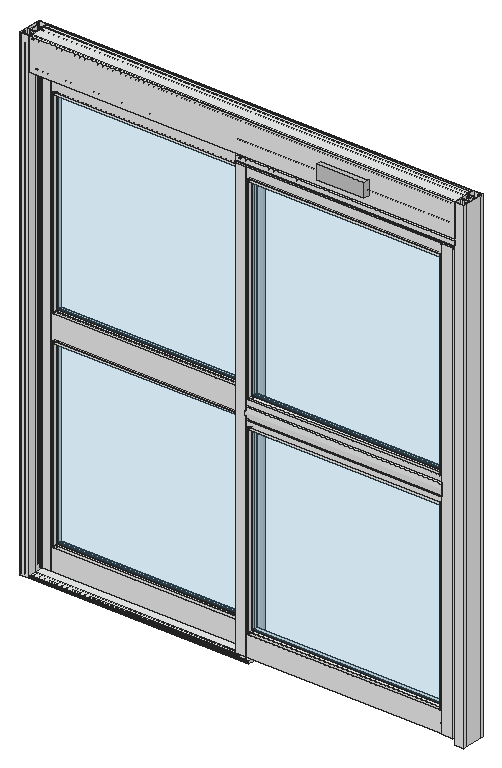
Revit family "2-6-3_Sliding-Door_TX9300SL_Single-RH-Inside-Slide-SX-SO-w-Elec-Lock-Flush-Mnt-Exit-Panic-HDW_Tormax", category Doors, host Wall, Revit 2026 (continued)
Definition of nested family "Door-Sliding-Tormax-Panel-Exit_Panic-SO"
  Forms (in)
    Sweep 1, solid, material <- "Door Frame"
      profile origin (0, 0, 0) x (0, 0, 1) y (0, -1, 0)
        loop
          line (84.875, 0.8749) -> (81.875, 0.8749) -> (81.875, 0.70921) -> (81.98143, 0.77066) -> (82.0294, 0.77066) -> (82.0294, -0.77066) -> (81.98143, -0.77066) -> (81.875, -0.70921) -> (81.875, -0.8749) -> (84.875, -0.8749) -> (84.875, -0.74999) -> (83.37444, -0.74999) -> (83.37444, 0.74911) -> (84.875, 0.74911) -> (84.875, 0.8749)
        loop
          line (82.15555, -0.71919) -> (82.46471, -0.71919) -> (82.46471, -0.75305) -> (82.79125, -0.75305) -> (82.79125, -0.71919) -> (83.10534, -0.71919) -> (83.10534, -0.37628) -> (83.24927, -0.37628) -> (83.24927, 0.37504) -> (83.10534, 0.37504) -> (83.10534, 0.71919) -> (82.79125, 0.71919) -> (82.79125, 0.75305) -> (82.46471, 0.75305) -> (82.46471, 0.71919) -> (82.15555, 0.71919) -> (82.15555, -0.71919)
        loop
          line (43.994, 0.775) -> (40.006, 0.775) -> (40.006, -0.775) -> (43.994, -0.775) -> (43.994, 0.775)
        loop
          line (0.5, -0.74911) -> (0.5, -0.8749) -> (4.5, -0.8749) -> (4.5, -0.70921) -> (4.39357, -0.77066) -> (4.3456, -0.77066) -> (4.3456, 0.77066) -> (4.39357, 0.77066) -> (4.5, 0.70921) -> (4.5, 0.8749) -> (0.5, 0.8749) -> (0.5, 0.765) -> (1.27001, 0.765) -> (1.27001, 0.52601) -> (0.698, 0.52601) -> (0.698, 0.42601) -> (1.30646, 0.42601) -> (1.59455, 0.74999) -> (2.06202, 0.74999) -> (2.06202, -0.74911) -> (0.5, -0.74911)
        loop
          line (4.21945, 0.71919) -> (3.96497, 0.71919) -> (3.96497, 0.75001) -> (3.52125, 0.75001) -> (3.52125, 0.71919) -> (3.26904, 0.71919) -> (3.26904, 0.59401) -> (3.13704, 0.59401) -> (3.13704, 0.71919) -> (2.88556, 0.71919) -> (2.88556, 0.75001) -> (2.44184, 0.75001) -> (2.44184, 0.71919) -> (2.18703, 0.71919) -> (2.18703, -0.71919) -> (2.44184, -0.71919) -> (2.44184, -0.75001) -> (2.88556, -0.75001) -> (2.88556, -0.71919) -> (3.13704, -0.71919) -> (3.13704, -0.59401) -> (3.26904, -0.59401) -> (3.26904, -0.71919) -> (3.52125, -0.71919) -> (3.52125, -0.75001) -> (3.96497, -0.75001) -> (3.96497, -0.71919) -> (4.21945, -0.71919) -> (4.21945, 0.71919)
    Sweep 2, solid, material <- "Door Frame"
      path origin (0, 0, 0) x (1, 0, 0) y (0, 0, 1)
        loop
          line (0, 4.5) -> (0, 39.75)
      profile origin (0, 0, 22.125) x (-1, 0, 0) y (0, -1, 0)
        loop
          line (-18.59375, -0.87481) -> (-18.09395, -0.87481) -> (-18.09395, -0.20955) -> (-18.05909, -0.20955) -> (-17.99796, -0.09459) -> (-18.01995, -0.07259) -> (-18.09186, -0.12483) -> (-18.30168, -0.12483) -> (-18.30168, -0.20955) -> (-18.4693, -0.20955) -> (-18.4693, -0.13997) -> (-18.55595, -0.13997) -> (-18.55595, 0.13997) -> (-18.4693, 0.13997) -> (-18.4693, 0.20955) -> (-18.30168, 0.20955) -> (-18.30168, 0.12483) -> (-18.09186, 0.12483) -> (-18.01995, 0.07259) -> (-17.99796, 0.09459) -> (-18.05909, 0.20955) -> (-18.09395, 0.20955) -> (-18.09395, 0.87481) -> (-18.59375, 0.87481) -> (-18.59375, 0.66561) -> (-18.69347, 0.66561) -> (-18.69347, 0.76483) -> (-18.74347, 0.76483) -> (-18.74347, 0.6157) -> (-18.63748, 0.6157) -> (-18.51344, 0.49166) -> (-18.51344, 0.32983)
          arc (-18.51344, 0.32983) -> (-18.57886, 0.30274) -> (-18.60595, 0.23732) r 0.09251
          line (-18.60595, 0.23732) -> (-18.60595, 0.1901) -> (-18.74975, 0.1901) -> (-18.74975, 0.13997) -> (-18.60595, 0.13997) -> (-18.60595, -0.13997) -> (-18.74975, -0.13997) -> (-18.74975, -0.1901) -> (-18.61896, -0.1901) -> (-18.61896, -0.25955) -> (-18.40109, -0.25955) -> (-18.40109, -0.4032) -> (-18.14361, -0.4032) -> (-18.14361, -0.8251) -> (-18.54358, -0.8251) -> (-18.54358, -0.65698) -> (-18.65806, -0.65698) -> (-18.65806, -0.70698) -> (-18.59375, -0.70698) -> (-18.59375, -0.87481)
        loop
          line (-18.49369, 0.8251) -> (-18.49369, 0.74143) -> (-18.55985, 0.74143) -> (-18.55985, 0.67847) -> (-18.46344, 0.58206) -> (-18.46344, 0.25099) -> (-18.40109, 0.25099) -> (-18.40109, 0.4032) -> (-18.14361, 0.4032) -> (-18.14361, 0.8251) -> (-18.49369, 0.8251)
        loop
          line (18.59375, -0.87481) -> (18.59375, -0.70698) -> (18.65806, -0.70698) -> (18.65806, -0.65698) -> (18.54358, -0.65698) -> (18.54358, -0.8251) -> (18.14361, -0.8251) -> (18.14361, -0.4032) -> (18.40109, -0.4032) -> (18.40109, -0.25955) -> (18.61896, -0.25955) -> (18.61896, -0.1901) -> (18.74975, -0.1901) -> (18.74975, -0.13997) -> (18.60595, -0.13997) -> (18.60595, 0.13997) -> (18.74975, 0.13997) -> (18.74975, 0.1901) -> (18.60595, 0.1901) -> (18.60595, 0.23732)
          arc (18.60595, 0.23732) -> (18.57886, 0.30274) -> (18.51344, 0.32983) r 0.09251
          line (18.51344, 0.32983) -> (18.51344, 0.49166) -> (18.63748, 0.6157) -> (18.74347, 0.6157) -> (18.74347, 0.76483) -> (18.69347, 0.76483) -> (18.69347, 0.66561) -> (18.59375, 0.66561) -> (18.59375, 0.87481) -> (18.09395, 0.87481) -> (18.09395, 0.20955) -> (18.05909, 0.20955) -> (17.99796, 0.09459) -> (18.01995, 0.07259) -> (18.09186, 0.12483) -> (18.30168, 0.12483) -> (18.30168, 0.20955) -> (18.4693, 0.20955) -> (18.4693, 0.13997) -> (18.55595, 0.13997) -> (18.55595, -0.13997) -> (18.4693, -0.13997) -> (18.4693, -0.20955) -> (18.30168, -0.20955) -> (18.30168, -0.12483) -> (18.09186, -0.12483) -> (18.01995, -0.07259) -> (17.99796, -0.09459) -> (18.05909, -0.20955) -> (18.09395, -0.20955) -> (18.09395, -0.87481) -> (18.59375, -0.87481)
        loop
          line (18.49369, 0.8251) -> (18.14361, 0.8251) -> (18.14361, 0.4032) -> (18.40109, 0.4032) -> (18.40109, 0.25099) -> (18.46344, 0.25099) -> (18.46344, 0.58206) -> (18.55985, 0.67847) -> (18.55985, 0.74143) -> (18.49369, 0.74143) -> (18.49369, 0.8251)
    Extrusion 3, solid, material <- "Glass"
      sketch origin (0, 0, 0) x (1, 0, 0) y (0, 1, 0)
        loop
          line (-18.30168, 0.12483) -> (-18.30168, -0.12517) -> (18.30168, -0.12517) -> (18.30168, 0.12483) -> (-18.30168, 0.12483)
      from 4.60457 to 39.45793
    Sweep 4, solid, material <- "Door Frame"
      path origin (0, 0, 0) x (1, 0, 0) y (0, 0, 1)
        loop
          line (0, 44.25) -> (0, 81.875)
      profile origin (0, 0, 63.0625) x (-1, 0, 0) y (0, -1, 0)
        loop
          line (-18.59375, -0.87481) -> (-18.09395, -0.87481) -> (-18.09395, -0.20955) -> (-18.05909, -0.20955) -> (-17.99796, -0.09459) -> (-18.01995, -0.07259) -> (-18.09186, -0.12483) -> (-18.30168, -0.12483) -> (-18.30168, -0.20955) -> (-18.4693, -0.20955) -> (-18.4693, -0.13997) -> (-18.55595, -0.13997) -> (-18.55595, 0.13997) -> (-18.4693, 0.13997) -> (-18.4693, 0.20955) -> (-18.30168, 0.20955) -> (-18.30168, 0.12483) -> (-18.09186, 0.12483) -> (-18.01995, 0.07259) -> (-17.99796, 0.09459) -> (-18.05909, 0.20955) -> (-18.09395, 0.20955) -> (-18.09395, 0.87481) -> (-18.59375, 0.87481) -> (-18.59375, 0.66561) -> (-18.69347, 0.66561) -> (-18.69347, 0.76483) -> (-18.74347, 0.76483) -> (-18.74347, 0.6157) -> (-18.63748, 0.6157) -> (-18.51344, 0.49166) -> (-18.51344, 0.32983)
          arc (-18.51344, 0.32983) -> (-18.57886, 0.30274) -> (-18.60595, 0.23732) r 0.09251
          line (-18.60595, 0.23732) -> (-18.60595, 0.1901) -> (-18.74975, 0.1901) -> (-18.74975, 0.13997) -> (-18.60595, 0.13997) -> (-18.60595, -0.13997) -> (-18.74975, -0.13997) -> (-18.74975, -0.1901) -> (-18.61896, -0.1901) -> (-18.61896, -0.25955) -> (-18.40109, -0.25955) -> (-18.40109, -0.4032) -> (-18.14361, -0.4032) -> (-18.14361, -0.8251) -> (-18.54358, -0.8251) -> (-18.54358, -0.65698) -> (-18.65806, -0.65698) -> (-18.65806, -0.70698) -> (-18.59375, -0.70698) -> (-18.59375, -0.87481)
        loop
          line (-18.49369, 0.8251) -> (-18.49369, 0.74143) -> (-18.55985, 0.74143) -> (-18.55985, 0.67847) -> (-18.46344, 0.58206) -> (-18.46344, 0.25099) -> (-18.40109, 0.25099) -> (-18.40109, 0.4032) -> (-18.14361, 0.4032) -> (-18.14361, 0.8251) -> (-18.49369, 0.8251)
        loop
          line (18.59375, -0.87481) -> (18.59375, -0.70698) -> (18.65806, -0.70698) -> (18.65806, -0.65698) -> (18.54358, -0.65698) -> (18.54358, -0.8251) -> (18.14361, -0.8251) -> (18.14361, -0.4032) -> (18.40109, -0.4032) -> (18.40109, -0.25955) -> (18.61896, -0.25955) -> (18.61896, -0.1901) -> (18.74975, -0.1901) -> (18.74975, -0.13997) -> (18.60595, -0.13997) -> (18.60595, 0.13997) -> (18.74975, 0.13997) -> (18.74975, 0.1901) -> (18.60595, 0.1901) -> (18.60595, 0.23732)
          arc (18.60595, 0.23732) -> (18.57886, 0.30274) -> (18.51344, 0.32983) r 0.09251
          line (18.51344, 0.32983) -> (18.51344, 0.49166) -> (18.63748, 0.6157) -> (18.74347, 0.6157) -> (18.74347, 0.76483) -> (18.69347, 0.76483) -> (18.69347, 0.66561) -> (18.59375, 0.66561) -> (18.59375, 0.87481) -> (18.09395, 0.87481) -> (18.09395, 0.20955) -> (18.05909, 0.20955) -> (17.99796, 0.09459) -> (18.01995, 0.07259) -> (18.09186, 0.12483) -> (18.30168, 0.12483) -> (18.30168, 0.20955) -> (18.4693, 0.20955) -> (18.4693, 0.13997) -> (18.55595, 0.13997) -> (18.55595, -0.13997) -> (18.4693, -0.13997) -> (18.4693, -0.20955) -> (18.30168, -0.20955) -> (18.30168, -0.12483) -> (18.09186, -0.12483) -> (18.01995, -0.07259) -> (17.99796, -0.09459) -> (18.05909, -0.20955) -> (18.09395, -0.20955) -> (18.09395, -0.87481) -> (18.59375, -0.87481)
        loop
          line (18.49369, 0.8251) -> (18.14361, 0.8251) -> (18.14361, 0.4032) -> (18.40109, 0.4032) -> (18.40109, 0.25099) -> (18.46344, 0.25099) -> (18.46344, 0.58206) -> (18.55985, 0.67847) -> (18.55985, 0.74143) -> (18.49369, 0.74143) -> (18.49369, 0.8251)
    Extrusion 5, solid, material <- "Glass"
      sketch origin (0, 0, 0) x (1, 0, 0) y (0, 1, 0)
        loop
          line (-18.30168, 0.12483) -> (-18.30168, -0.12517) -> (18.30168, -0.12517) -> (18.30168, 0.12483) -> (-18.30168, 0.12483)
      from 44.54207 to 81.58293
    Sweep 6, solid, material <- "Door Frame"
      path origin (0, 0, 0) x (-1, 0, 0) y (0, 0, -1)
        loop
          line (20.71875, -0.5) -> (20.71875, -84.875)
      profile origin (-20.71875, 0, 42.6875) x (-1, 0, 0) y (0, -1, 0)
        loop
          line (-2.125, -0.91) -> (-0.14318, -0.91)
          arc (-0.14318, -0.91) -> (-0.12494, -0.85139) -> (-0.10791, -0.79242) r 2.96345
          line (-0.10791, -0.79242) -> (-0.18054, -0.77528) -> (-0.20187, -0.86561) -> (-0.27778, -0.84769) -> (-0.18449, -0.45255) -> (-0.10857, -0.47048) -> (-0.13043, -0.56306) -> (-0.05685, -0.57768)
          arc (-0.05685, -0.57768) -> (0, 0) -> (-0.05685, 0.57768) r 2.96345
          line (-0.05685, 0.57768) -> (-0.13043, 0.56306) -> (-0.10857, 0.47048) -> (-0.18449, 0.45255) -> (-0.27778, 0.84769) -> (-0.20187, 0.86561) -> (-0.18054, 0.77528) -> (-0.10791, 0.79242)
          arc (-0.10791, 0.79242) -> (-0.12494, 0.85139) -> (-0.14318, 0.91) r 2.96345
          line (-0.14318, 0.91) -> (-2.125, 0.91) -> (-2.125, 0.70869) -> (-2.02775, 0.76483) -> (-1.969, 0.76483) -> (-1.969, -0.76483) -> (-2.02717, -0.76483) -> (-2.125, -0.70835) -> (-2.125, -0.91)
        loop
          line (-1.844, -0.76483) -> (-0.3371, -0.76483)
          arc (-0.3371, -0.76483) -> (-0.28836, -0.57905) -> (-0.25321, -0.39023) r 2.65
          line (-0.25321, -0.39023) -> (-0.15, -0.36257) -> (-0.15, -0.1825) -> (-0.25, -0.1825) -> (-0.25, 0.1825) -> (-0.15, 0.1825) -> (-0.15, 0.36257) -> (-0.25321, 0.39023)
          arc (-0.25321, 0.39023) -> (-0.2884, 0.57922) -> (-0.3372, 0.76517) r 2.65
          line (-0.3372, 0.76517) -> (-1.844, 0.76517) -> (-1.844, -0.76483)
    Sweep 7, solid, material <- "Door Frame"
      path origin (0, 0, 0) x (-1, 0, 0) y (0, 0, -1)
        loop
          line (-20.71875, -0.5) -> (-20.71875, -84.875)
      profile origin (20.71875, 0, 42.6875) x (-1, 0, 0) y (0, -1, 0)
        loop
          line (0.25, -0.187) -> (0.13109, -0.187)
          arc (0.13109, -0.187) -> (0.1651, -0.47849) -> (0.22865, -0.765) r 2.875
          line (0.22865, -0.765) -> (1.844, -0.765) -> (1.844, 0.765) -> (0.22865, 0.765)
          arc (0.22865, 0.765) -> (0.1651, 0.47849) -> (0.13109, 0.187) r 2.875
          line (0.13109, 0.187) -> (0.25, 0.187) -> (0.25, -0.187)
        loop
          line (0.14135, -0.91) -> (2.125, -0.91) -> (2.125, -0.70839) -> (2.00861, -0.77559) -> (1.969, -0.77559) -> (1.969, 0.77559) -> (2.00861, 0.77559) -> (2.125, 0.70839) -> (2.125, 0.91) -> (0.14135, 0.91)
          arc (0.14135, 0.91) -> (0, 0) -> (0.14135, -0.91) r 3
    Sweep 8, solid, material <- "Door Frame"
      path origin (0, 0, 0) x (1, 0, 0) y (0, 0, -1)
        loop
          line (-18.09395, -42) -> (18.09395, -42)
      profile origin (0, 0, 42) x (0, 0, -1) y (0, 1, 0)
        loop
          line (37.5, 0.87481) -> (37.0002, 0.87481) -> (37.0002, 0.20955) -> (36.96534, 0.20955) -> (36.90421, 0.09459) -> (36.9262, 0.07259) -> (36.99811, 0.12483) -> (37.20793, 0.12483) -> (37.20793, 0.20955) -> (37.37555, 0.20955) -> (37.37555, 0.13997) -> (37.4622, 0.13997) -> (37.4622, -0.13997) -> (37.37555, -0.13997) -> (37.37555, -0.20955) -> (37.20793, -0.20955) -> (37.20793, -0.12483) -> (36.99811, -0.12483) -> (36.9262, -0.07259) -> (36.90421, -0.09459) -> (36.96534, -0.20955) -> (37.0002, -0.20955) -> (37.0002, -0.87481) -> (37.5, -0.87481) -> (37.5, -0.66561) -> (37.59972, -0.66561) -> (37.59972, -0.76483) -> (37.64972, -0.76483) -> (37.64972, -0.6157) -> (37.54373, -0.6157) -> (37.41969, -0.49166) -> (37.41969, -0.32983)
          arc (37.41969, -0.32983) -> (37.48511, -0.30274) -> (37.5122, -0.23732) r 0.09251
          line (37.5122, -0.23732) -> (37.5122, -0.1901) -> (37.656, -0.1901) -> (37.656, -0.13997) -> (37.5122, -0.13997) -> (37.5122, 0.13997) -> (37.656, 0.13997) -> (37.656, 0.1901) -> (37.52521, 0.1901) -> (37.52521, 0.25955) -> (37.30734, 0.25955) -> (37.30734, 0.4032) -> (37.04986, 0.4032) -> (37.04986, 0.8251) -> (37.44983, 0.8251) -> (37.44983, 0.65698) -> (37.56431, 0.65698) -> (37.56431, 0.70698) -> (37.5, 0.70698) -> (37.5, 0.87481)
        loop
          line (37.39994, -0.8251) -> (37.39994, -0.74143) -> (37.4661, -0.74143) -> (37.4661, -0.67847) -> (37.36969, -0.58206) -> (37.36969, -0.25099) -> (37.30734, -0.25099) -> (37.30734, -0.4032) -> (37.04986, -0.4032) -> (37.04986, -0.8251) -> (37.39994, -0.8251)
        loop
          line (2.25, 0.87481) -> (2.25, 0.70698) -> (2.18569, 0.70698) -> (2.18569, 0.65698) -> (2.30017, 0.65698) -> (2.30017, 0.8251) -> (2.70014, 0.8251) -> (2.70014, 0.4032) -> (2.44266, 0.4032) -> (2.44266, 0.25955) -> (2.22479, 0.25955) -> (2.22479, 0.1901) -> (2.094, 0.1901) -> (2.094, 0.13997) -> (2.2378, 0.13997) -> (2.2378, -0.13997) -> (2.094, -0.13997) -> (2.094, -0.1901) -> (2.2378, -0.1901) -> (2.2378, -0.23732)
          arc (2.2378, -0.23732) -> (2.26489, -0.30274) -> (2.33031, -0.32983) r 0.09251
          line (2.33031, -0.32983) -> (2.33031, -0.49166) -> (2.20627, -0.6157) -> (2.10028, -0.6157) -> (2.10028, -0.76483) -> (2.15028, -0.76483) -> (2.15028, -0.66561) -> (2.25, -0.66561) -> (2.25, -0.87481) -> (2.7498, -0.87481) -> (2.7498, -0.20955) -> (2.78466, -0.20955) -> (2.84579, -0.09459) -> (2.8238, -0.07259) -> (2.75189, -0.12483) -> (2.54207, -0.12483) -> (2.54207, -0.20955) -> (2.37445, -0.20955) -> (2.37445, -0.13997) -> (2.2878, -0.13997) -> (2.2878, 0.13997) -> (2.37445, 0.13997) -> (2.37445, 0.20955) -> (2.54207, 0.20955) -> (2.54207, 0.12483) -> (2.75189, 0.12483) -> (2.8238, 0.07259) -> (2.84579, 0.09459) -> (2.78466, 0.20955) -> (2.7498, 0.20955) -> (2.7498, 0.87481) -> (2.25, 0.87481)
        loop
          line (2.35006, -0.8251) -> (2.70014, -0.8251) -> (2.70014, -0.4032) -> (2.44266, -0.4032) -> (2.44266, -0.25099) -> (2.38031, -0.25099) -> (2.38031, -0.58206) -> (2.2839, -0.67847) -> (2.2839, -0.74143) -> (2.35006, -0.74143) -> (2.35006, -0.8251)
        loop
          line (-2.25, 0.87481) -> (-2.7498, 0.87481) -> (-2.7498, 0.20955) -> (-2.78466, 0.20955) -> (-2.84579, 0.09459) -> (-2.8238, 0.07259) -> (-2.75189, 0.12483) -> (-2.54207, 0.12483) -> (-2.54207, 0.20955) -> (-2.37445, 0.20955) -> (-2.37445, 0.13997) -> (-2.2878, 0.13997) -> (-2.2878, -0.13997) -> (-2.37445, -0.13997) -> (-2.37445, -0.20955) -> (-2.54207, -0.20955) -> (-2.54207, -0.12483) -> (-2.75189, -0.12483) -> (-2.8238, -0.07259) -> (-2.84579, -0.09459) -> (-2.78466, -0.20955) -> (-2.7498, -0.20955) -> (-2.7498, -0.87481) -> (-2.25, -0.87481) -> (-2.25, -0.66561) -> (-2.15028, -0.66561) -> (-2.15028, -0.76483) -> (-2.10028, -0.76483) -> (-2.10028, -0.6157) -> (-2.20627, -0.6157) -> (-2.33031, -0.49166) -> (-2.33031, -0.32983)
          arc (-2.33031, -0.32983) -> (-2.26489, -0.30274) -> (-2.2378, -0.23732) r 0.09251
          line (-2.2378, -0.23732) -> (-2.2378, -0.1901) -> (-2.094, -0.1901) -> (-2.094, -0.13997) -> (-2.2378, -0.13997) -> (-2.2378, 0.13997) -> (-2.094, 0.13997) -> (-2.094, 0.1901) -> (-2.22479, 0.1901) -> (-2.22479, 0.25955) -> (-2.44266, 0.25955) -> (-2.44266, 0.4032) -> (-2.70014, 0.4032) -> (-2.70014, 0.8251) -> (-2.30017, 0.8251) -> (-2.30017, 0.65698) -> (-2.18569, 0.65698) -> (-2.18569, 0.70698) -> (-2.25, 0.70698) -> (-2.25, 0.87481)
        loop
          line (-2.35006, -0.8251) -> (-2.35006, -0.74143) -> (-2.2839, -0.74143) -> (-2.2839, -0.67847) -> (-2.38031, -0.58206) -> (-2.38031, -0.25099) -> (-2.44266, -0.25099) -> (-2.44266, -0.4032) -> (-2.70014, -0.4032) -> (-2.70014, -0.8251) -> (-2.35006, -0.8251)
        loop
          line (-39.875, 0.87481) -> (-39.875, 0.70698) -> (-39.93931, 0.70698) -> (-39.93931, 0.65698) -> (-39.82483, 0.65698) -> (-39.82483, 0.8251) -> (-39.42486, 0.8251) -> (-39.42486, 0.4032) -> (-39.68234, 0.4032) -> (-39.68234, 0.25955) -> (-39.90021, 0.25955) -> (-39.90021, 0.1901) -> (-40.031, 0.1901) -> (-40.031, 0.13997) -> (-39.8872, 0.13997) -> (-39.8872, -0.13997) -> (-40.031, -0.13997) -> (-40.031, -0.1901) -> (-39.8872, -0.1901) -> (-39.8872, -0.23732)
          arc (-39.8872, -0.23732) -> (-39.86011, -0.30274) -> (-39.79469, -0.32983) r 0.09251
          line (-39.79469, -0.32983) -> (-39.79469, -0.49166) -> (-39.91873, -0.6157) -> (-40.02472, -0.6157) -> (-40.02472, -0.76483) -> (-39.97472, -0.76483) -> (-39.97472, -0.66561) -> (-39.875, -0.66561) -> (-39.875, -0.87481) -> (-39.3752, -0.87481) -> (-39.3752, -0.20955) -> (-39.34034, -0.20955) -> (-39.27921, -0.09459) -> (-39.3012, -0.07259) -> (-39.37311, -0.12483) -> (-39.58293, -0.12483) -> (-39.58293, -0.20955) -> (-39.75055, -0.20955) -> (-39.75055, -0.13997) -> (-39.8372, -0.13997) -> (-39.8372, 0.13997) -> (-39.75055, 0.13997) -> (-39.75055, 0.20955) -> (-39.58293, 0.20955) -> (-39.58293, 0.12483) -> (-39.37311, 0.12483) -> (-39.3012, 0.07259) -> (-39.27921, 0.09459) -> (-39.34034, 0.20955) -> (-39.3752, 0.20955) -> (-39.3752, 0.87481) -> (-39.875, 0.87481)
        loop
          line (-39.77494, -0.8251) -> (-39.42486, -0.8251) -> (-39.42486, -0.4032) -> (-39.68234, -0.4032) -> (-39.68234, -0.25099) -> (-39.74469, -0.25099) -> (-39.74469, -0.58206) -> (-39.8411, -0.67847) -> (-39.8411, -0.74143) -> (-39.77494, -0.74143) -> (-39.77494, -0.8251)
  Lines and regions (in)
    symbolic lines
      curve 1: arc (20.71875, 0.91, 0) -> (8.58199, 30.21074, 0) -> (-20.71875, 42.3475, 0) r 41.4375
      curve 2: line (-20.71875, 0.91, 0) -> (-20.71875, 42.3475, 0)
      curve 3: line (20.71875, 0, 0.5) -> (-20.71875, 0, 42)
      curve 4: line (-20.71875, 0, 42) -> (20.71875, 0, 84.875)
  Dimensions and locks (in)
    "Height": plane 4 to level
    equal spacing: plane 10, plane 3 "Center (Left/Right)", plane 11
    "Width": plane 10 to plane 11
    "Thickness": plane 9 "exterior" to plane 8
    equal spacing: plane 9 "exterior", plane 1 "Center (Front/Back)", plane 8
    locked: plane 10 to plane 12 at 2.125
    locked: plane 13 to plane 11 at 2.125
    plane 5 to level = 3' - 6"
    plane 14 to plane 5 to plane 15 = 0' - 2 1/4" locked, 0' - 2 1/4" locked
    locked: plane 4 to plane 17 at 0.125
    locked: plane 17 to plane 16 at 3
    locked: plane 18 to plane 19 at 4
    locked: Sweep 2 sketch curve to plane 13 at 0.4998  (x2)
    plane 12 to Sweep 2 sketch curve to Sweep 2 sketch curve = 0' - 0.4998" locked, 0' - 0" locked
    plane 7 to plane 1 "Center (Front/Back)" to plane 6 = 0' - 0.12517" locked, 0' - 0.12483" locked
    locked: Extrusion 3 sketch curve to plane 13 at 0.29207
    locked: plane 12 to Extrusion 3 sketch curve at 0.29207
    locked: Extrusion 3 to plane 15 at 0.29207
    locked: Extrusion 5 to plane 14 at 0.29207
    locked: Extrusion 5 to plane 16 at 0.29207
    locked: plane 12 to Sweep 4 sketch curve at 0.4998  (x2)
    Sweep 4 sketch curve to Sweep 4 sketch curve to plane 13 = 0' - 0" locked, 0' - 0.4998" locked
    locked: plane 19 to plane 2 at 0.5
    locked: Sweep 7 sketch curve to Sweep 7 sketch curve
    locked: plane 15 to Sweep 8 sketch curve at 0.4998
    locked: plane 14 to Sweep 8 sketch curve at 0.4998
    locked: plane 16 to Sweep 8 sketch curve at 0.4998
    locked: Sweep 8 sketch curve to plane 18 at 0.4998
    "Width": radius of curve 1
    aligned and locked: plane 2 to level
    aligned and locked: plane 12 to Sweep 1 sketch curve
    aligned and locked: plane 13 to Sweep 1 sketch curve
    aligned and locked: Sweep 1 sketch curve to plane 2
    aligned and locked: plane 14 to Sweep 1 sketch curve
    aligned and locked: Sweep 1 sketch curve to plane 14
    aligned and locked: plane 3 "Center (Left/Right)" to Sweep 2 sketch curve
    aligned and locked: plane 15 to Sweep 2 sketch curve
    aligned and locked: plane 18 to Sweep 2 sketch curve
    aligned and locked: Sweep 2 sketch curve to plane 13
    aligned and locked: plane 13 to Sweep 2 sketch curve
    aligned and locked: plane 12 to Sweep 2 sketch curve
    aligned and locked: Sweep 2 sketch curve to plane 12
    aligned and locked: plane 6 to Extrusion 3 sketch curve
    aligned and locked: plane 7 to Extrusion 3 sketch curve
    aligned and locked: plane 16 to Sweep 4 sketch curve
    aligned and locked: plane 14 to Sweep 4 sketch curve
    aligned and locked: plane 12 to Sweep 4 sketch curve
    aligned and locked: Sweep 4 sketch curve to plane 12
    aligned and locked: Sweep 4 sketch curve to plane 13
    aligned and locked: plane 13 to Sweep 4 sketch curve
    aligned and locked: Sweep 1 sketch curve to plane 15  (x2)
    aligned and locked: plane 16 to Sweep 1 sketch curve  (x2)
    aligned and locked: Sweep 1 sketch curve to plane 17  (x2)
    aligned and locked: plane 19 to Sweep 1 sketch curve  (x2)
    aligned and locked: Sweep 1 sketch curve to plane 18  (x2)
    aligned and locked: plane 10 to Sweep 6 sketch curve
    aligned and locked: plane 17 to Sweep 6 sketch curve
    aligned and locked: plane 19 to Sweep 6 sketch curve
    aligned and locked: plane 10 to curve 1
    aligned and locked: plane 9 "exterior" to curve 1
    aligned and locked: curve 2 to plane 10
    aligned and locked: plane 9 "exterior" to curve 2
    aligned and locked: plane 18 to Sweep 8 sketch curve
    aligned and locked: Sweep 8 sketch curve to plane 18
    aligned and locked: Sweep 8 sketch curve to Sweep 8 sketch curve
  Automatic sketch dimensions
    Sweep 2 sketch curve to Sweep 2 sketch curve = 0' - 0.0122"
    Sweep 2 sketch curve to plane 1 "Center (Front/Back)" = 0' - 0.13997"
    Sweep 2 sketch curve to Sweep 2 sketch curve = 0' - 0"  (x4)
    Sweep 2 sketch curve to Sweep 2 sketch curve = 0' - 0.01301"  (x2)
    plane 1 "Center (Front/Back)" to Sweep 2 sketch curve = 0' - 0.6157"
    Sweep 2 sketch curve to Sweep 2 sketch curve = 0' - 0.04373"  (x2)
    Sweep 2 sketch curve to Sweep 2 sketch curve = 0' - 0.06431"  (x2)
    Sweep 2 sketch curve to Sweep 2 sketch curve = 0' - 0.05599"
    Sweep 2 sketch curve to Sweep 2 sketch curve = 0' - 0.05"  (x8)
    Sweep 2 sketch curve to Sweep 2 sketch curve = 0' - 0.13079"  (x2)
    Sweep 2 sketch curve to Sweep 2 sketch curve = 0' - 0.1438"  (x2)
    Sweep 2 sketch curve to Sweep 2 sketch curve = 0' - 0.0339"  (x2)
    Sweep 2 sketch curve to Sweep 2 sketch curve = 0' - 0.05017"  (x2)
    plane 1 "Center (Front/Back)" to Sweep 2 sketch curve = 0' - 0.49166"
    Sweep 2 sketch curve to Sweep 2 sketch curve = 0' - 0.12404"  (x2)
    Sweep 2 sketch curve to Sweep 2 sketch curve = 0' - 0.06616"
    Sweep 2 sketch curve to Sweep 2 sketch curve = 0' - 0.08665"  (x3)
    Sweep 2 sketch curve to Sweep 2 sketch curve = 0' - 0.00586"  (x2)
    Sweep 2 sketch curve to Sweep 2 sketch curve = 0' - 0.0682"  (x2)
    Sweep 2 sketch curve to Sweep 2 sketch curve = 0' - 0.11234"
    Sweep 2 sketch curve to Sweep 2 sketch curve = 0' - 0.09942"  (x4)
    Sweep 2 sketch curve to Sweep 2 sketch curve = 0' - 0.04966"  (x4)
    Sweep 2 sketch curve to plane 1 "Center (Front/Back)" = 0' - 0.12483"
    Sweep 2 sketch curve to Sweep 2 sketch curve = 0' - 0.00209"  (x4)
    Sweep 2 sketch curve to Sweep 2 sketch curve = 0' - 0.03487"  (x4)
    plane 1 "Center (Front/Back)" to Sweep 2 sketch curve = 0' - 0.20955"  (x2)
    plane 1 "Center (Front/Back)" to Sweep 2 sketch curve = 0' - 0.07259"  (x2)
    Sweep 2 sketch curve to Sweep 2 sketch curve = 0' - 0.0719"  (x2)
    Sweep 2 sketch curve to plane 1 "Center (Front/Back)" = 0' - 0.07259"  (x2)
    Sweep 2 sketch curve to plane 1 "Center (Front/Back)" = 0' - 0.09459"  (x2)
    Sweep 2 sketch curve to Sweep 2 sketch curve = 0' - 0.02199"  (x4)
    plane 1 "Center (Front/Back)" to Sweep 2 sketch curve = 0' - 0.09459"  (x2)
    Sweep 2 sketch curve to Sweep 2 sketch curve = 0' - 0.09599"  (x2)
    Sweep 2 sketch curve to plane 1 "Center (Front/Back)" = 0' - 0.20955"
    plane 1 "Center (Front/Back)" to Sweep 2 sketch curve = 0' - 0.12483"
    Sweep 2 sketch curve to Sweep 2 sketch curve = 0' - 0.20772"  (x2)
    Sweep 2 sketch curve to Sweep 2 sketch curve = 0' - 0.06234"
    Sweep 2 sketch curve to Sweep 2 sketch curve = 0' - 0.10006"
    Sweep 2 sketch curve to Sweep 2 sketch curve = 0' - 0.09251"
    Sweep 2 sketch curve to Sweep 2 sketch curve = 0' - 0.13361"
    Sweep 2 sketch curve to plane 1 "Center (Front/Back)" = 0' - 0.25955"
    Sweep 2 sketch curve to Sweep 2 sketch curve = 0' - 0.11958"
    Sweep 2 sketch curve to Sweep 2 sketch curve = 0' - 0.14365"
    Sweep 2 sketch curve to Sweep 2 sketch curve = 0' - 0.19365"  (x3)
    Sweep 2 sketch curve to Sweep 2 sketch curve = 0' - 0.25378"  (x2)
    Sweep 2 sketch curve to Sweep 2 sketch curve = 0' - 0.4219"  (x2)
    Sweep 2 sketch curve to Sweep 2 sketch curve = 0' - 0.04971"  (x4)
    Sweep 2 sketch curve to Sweep 2 sketch curve = 0' - 0.08472"  (x5)
    Sweep 2 sketch curve to Sweep 2 sketch curve = 0' - 0.05012"  (x4)
    Sweep 2 sketch curve to Sweep 2 sketch curve = 0' - 0.06945"
    Sweep 2 sketch curve to Sweep 2 sketch curve = 0' - 0.06958"  (x2)
    plane 1 "Center (Front/Back)" to Sweep 2 sketch curve = 0' - 0.13997"  (x2)
    Sweep 2 sketch curve to Sweep 2 sketch curve = 0' - 0.04722"
    Sweep 2 sketch curve to Sweep 2 sketch curve = 0' - 0.02777"
    Sweep 2 sketch curve to Sweep 2 sketch curve = 0' - 0.04144"  (x2)
    Sweep 2 sketch curve to Sweep 2 sketch curve = 0' - 0.08847"
    Sweep 2 sketch curve to Sweep 2 sketch curve = 0' - 0.0904"  (x2)
    Sweep 2 sketch curve to Sweep 2 sketch curve = 0' - 0.04991"  (x2)
    Sweep 2 sketch curve to Sweep 2 sketch curve = 0' - 0.01286"  (x2)
    Sweep 2 sketch curve to Sweep 2 sketch curve = 0' - 0.06296"  (x2)
    Sweep 2 sketch curve to Sweep 2 sketch curve = 0' - 0.09922"  (x2)
    Sweep 2 sketch curve to Sweep 2 sketch curve = 0' - 0.08367"  (x2)
    Sweep 4 sketch curve to plane 3 "Center (Left/Right)" = 0' - 0"
    Sweep 4 sketch curve to Sweep 4 sketch curve = 0' - 0.0122"
    Sweep 4 sketch curve to plane 1 "Center (Front/Back)" = 0' - 0.13997"
    Sweep 4 sketch curve to Sweep 4 sketch curve = 0' - 0"  (x4)
    Sweep 4 sketch curve to Sweep 4 sketch curve = 0' - 0.01301"  (x2)
    plane 1 "Center (Front/Back)" to Sweep 4 sketch curve = 0' - 0.6157"
    Sweep 4 sketch curve to Sweep 4 sketch curve = 0' - 0.04373"  (x2)
    Sweep 4 sketch curve to Sweep 4 sketch curve = 0' - 0.06431"  (x2)
    Sweep 4 sketch curve to Sweep 4 sketch curve = 0' - 0.05599"
    Sweep 4 sketch curve to Sweep 4 sketch curve = 0' - 0.05"  (x8)
    Sweep 4 sketch curve to Sweep 4 sketch curve = 0' - 0.13079"  (x2)
    Sweep 4 sketch curve to Sweep 4 sketch curve = 0' - 0.1438"  (x2)
    Sweep 4 sketch curve to Sweep 4 sketch curve = 0' - 0.0339"  (x2)
    Sweep 4 sketch curve to Sweep 4 sketch curve = 0' - 0.05017"  (x2)
    plane 1 "Center (Front/Back)" to Sweep 4 sketch curve = 0' - 0.49166"
    Sweep 4 sketch curve to Sweep 4 sketch curve = 0' - 0.12404"  (x2)
    Sweep 4 sketch curve to Sweep 4 sketch curve = 0' - 0.06616"
    Sweep 4 sketch curve to Sweep 4 sketch curve = 0' - 0.08665"  (x3)
    Sweep 4 sketch curve to Sweep 4 sketch curve = 0' - 0.00586"  (x2)
    Sweep 4 sketch curve to Sweep 4 sketch curve = 0' - 0.0682"  (x2)
    Sweep 4 sketch curve to Sweep 4 sketch curve = 0' - 0.11234"
    Sweep 4 sketch curve to Sweep 4 sketch curve = 0' - 0.09942"  (x4)
    Sweep 4 sketch curve to Sweep 4 sketch curve = 0' - 0.04966"  (x4)
    Sweep 4 sketch curve to plane 1 "Center (Front/Back)" = 0' - 0.12483"
    Sweep 4 sketch curve to Sweep 4 sketch curve = 0' - 0.00209"  (x4)
    Sweep 4 sketch curve to Sweep 4 sketch curve = 0' - 0.03487"  (x4)
    plane 1 "Center (Front/Back)" to Sweep 4 sketch curve = 0' - 0.20955"  (x2)
    plane 1 "Center (Front/Back)" to Sweep 4 sketch curve = 0' - 0.07259"  (x2)
    Sweep 4 sketch curve to Sweep 4 sketch curve = 0' - 0.0719"  (x2)
    Sweep 4 sketch curve to plane 1 "Center (Front/Back)" = 0' - 0.07259"  (x2)
    Sweep 4 sketch curve to plane 1 "Center (Front/Back)" = 0' - 0.09459"  (x2)
    Sweep 4 sketch curve to Sweep 4 sketch curve = 0' - 0.02199"  (x4)
    plane 1 "Center (Front/Back)" to Sweep 4 sketch curve = 0' - 0.09459"  (x2)
    Sweep 4 sketch curve to Sweep 4 sketch curve = 0' - 0.09599"  (x2)
    Sweep 4 sketch curve to plane 1 "Center (Front/Back)" = 0' - 0.20955"
    plane 1 "Center (Front/Back)" to Sweep 4 sketch curve = 0' - 0.12483"
    Sweep 4 sketch curve to Sweep 4 sketch curve = 0' - 0.20772"  (x2)
    Sweep 4 sketch curve to Sweep 4 sketch curve = 0' - 0.06234"
    Sweep 4 sketch curve to Sweep 4 sketch curve = 0' - 0.10006"
    Sweep 4 sketch curve to Sweep 4 sketch curve = 0' - 0.09251"
    Sweep 4 sketch curve to Sweep 4 sketch curve = 0' - 0.13361"
    Sweep 4 sketch curve to plane 1 "Center (Front/Back)" = 0' - 0.25955"
    Sweep 4 sketch curve to Sweep 4 sketch curve = 0' - 0.11958"
    Sweep 4 sketch curve to Sweep 4 sketch curve = 0' - 0.14365"
    Sweep 4 sketch curve to Sweep 4 sketch curve = 0' - 0.19365"  (x3)
    Sweep 4 sketch curve to Sweep 4 sketch curve = 0' - 0.25378"  (x2)
    Sweep 4 sketch curve to Sweep 4 sketch curve = 0' - 0.4219"  (x2)
    Sweep 4 sketch curve to Sweep 4 sketch curve = 0' - 0.04971"  (x4)
    Sweep 4 sketch curve to Sweep 4 sketch curve = 0' - 0.08472"  (x5)
    Sweep 4 sketch curve to Sweep 4 sketch curve = 0' - 0.05012"  (x4)
    Sweep 4 sketch curve to Sweep 4 sketch curve = 0' - 0.06945"
    Sweep 4 sketch curve to Sweep 4 sketch curve = 0' - 0.06958"  (x2)
    plane 1 "Center (Front/Back)" to Sweep 4 sketch curve = 0' - 0.13997"  (x2)
    Sweep 4 sketch curve to Sweep 4 sketch curve = 0' - 0.04722"
    Sweep 4 sketch curve to Sweep 4 sketch curve = 0' - 0.02777"
    Sweep 4 sketch curve to Sweep 4 sketch curve = 0' - 0.04144"  (x2)
    Sweep 4 sketch curve to Sweep 4 sketch curve = 0' - 0.08847"
    Sweep 4 sketch curve to Sweep 4 sketch curve = 0' - 0.0904"  (x2)
    Sweep 4 sketch curve to Sweep 4 sketch curve = 0' - 0.04991"  (x2)
    Sweep 4 sketch curve to Sweep 4 sketch curve = 0' - 0.01286"  (x2)
    Sweep 4 sketch curve to Sweep 4 sketch curve = 0' - 0.06296"  (x2)
    Sweep 4 sketch curve to Sweep 4 sketch curve = 0' - 0.09922"  (x2)
    Sweep 4 sketch curve to Sweep 4 sketch curve = 0' - 0.08367"  (x2)
    Extrusion 5 sketch curve to plane 7 = 0' - 0"
    plane 6 to Extrusion 5 sketch curve = 0' - 0"
    plane 12 to Extrusion 5 sketch curve = 0' - 0.29207"
    plane 13 to Extrusion 5 sketch curve = 0' - 0.29207"
    Sweep 6 sketch curve to Sweep 6 sketch curve = 0' - 0"  (x9)
    plane 1 "Center (Front/Back)" to Sweep 6 sketch curve = 0' - 0"  (x2)
    profile plane to Sweep 6 sketch curve = 0' - 2.96345"
    Sweep 6 sketch curve to Sweep 6 sketch curve = 0' - 0.08913"
    Sweep 6 sketch curve to Sweep 6 sketch curve = 0' - 0.74933"  (x2)
    plane 1 "Center (Front/Back)" to Sweep 6 sketch curve = 0' - 0.70869"
    plane 1 "Center (Front/Back)" to Sweep 6 sketch curve = 0' - 0.76483"
    Sweep 6 sketch curve to Sweep 6 sketch curve = 0' - 0.09725"
    Sweep 6 sketch curve to plane 1 "Center (Front/Back)" = 0' - 0.76483"
    Sweep 6 sketch curve to Sweep 6 sketch curve = 0' - 0.09783"
    Sweep 6 sketch curve to Sweep 6 sketch curve = 0' - 0.05875"
    Sweep 6 sketch curve to Sweep 6 sketch curve = 0' - 0 1/8"
    profile plane to Sweep 6 sketch curve = 0' - 0.3372"
    profile plane to Sweep 6 sketch curve = 0' - 0.3371"
    Sweep 6 sketch curve to Sweep 6 sketch curve = 0' - 0.05932"
    Sweep 6 sketch curve to Sweep 6 sketch curve = 0' - 0.05942"
    profile plane to Sweep 6 sketch curve = 0' - 0.25321"  (x2)
    Sweep 6 sketch curve to Sweep 6 sketch curve = 0' - 0.00321"
    Sweep 6 sketch curve to Sweep 6 sketch curve = 0' - 0.07591"  (x4)
    Sweep 6 sketch curve to Sweep 6 sketch curve = 0' - 0.06873"  (x2)
    Sweep 6 sketch curve to Sweep 6 sketch curve = 0' - 0.02133"  (x2)
    Sweep 6 sketch curve to Sweep 6 sketch curve = 0' - 0.1"
    Sweep 6 sketch curve to Sweep 6 sketch curve = 0' - 0.03448"
    Sweep 6 sketch curve to Sweep 6 sketch curve = 0' - 0.05869"  (x2)
    Sweep 6 sketch curve to Sweep 6 sketch curve = 0' - 0.05405"  (x2)
    Sweep 6 sketch curve to Sweep 6 sketch curve = 0' - 0.07263"  (x2)
    profile plane to Sweep 6 sketch curve = 0' - 0.05685"  (x2)
    Sweep 6 sketch curve to Sweep 6 sketch curve = 0' - 0.01044"
    Sweep 6 sketch curve to Sweep 6 sketch curve = 0' - 0.01715"
    Sweep 6 sketch curve to Sweep 6 sketch curve = 0' - 0.05648"
    Sweep 6 sketch curve to Sweep 6 sketch curve = 0' - 0.01462"
    Sweep 6 sketch curve to Sweep 6 sketch curve = 0' - 0.08998"
    Sweep 6 sketch curve to plane 1 "Center (Front/Back)" = 0' - 0.1825"
    plane 1 "Center (Front/Back)" to Sweep 6 sketch curve = 0' - 0.1825"
    Sweep 6 sketch curve to Sweep 6 sketch curve = 0' - 0.18007"
    Sweep 6 sketch curve to Sweep 6 sketch curve = 0' - 0.02766"
    Sweep 6 sketch curve to Sweep 6 sketch curve = 0' - 0.06233"
    Sweep 6 sketch curve to Sweep 6 sketch curve = 0' - 0.01792"
    Sweep 7 sketch curve to plane 11 = 0' - 0"
    Sweep 7 sketch curve to plane 17 = 0' - 0"
    Sweep 7 sketch curve to plane 19 = 0' - 0"
    Sweep 7 sketch curve to Sweep 7 sketch curve = 0' - 0"  (x6)
    profile plane to Sweep 7 sketch curve = 0' - 0"
    Sweep 7 sketch curve to profile plane = 0' - 0.13109"  (x2)
    Sweep 7 sketch curve to profile plane = 0' - 0.14135"  (x2)
    Sweep 7 sketch curve to Sweep 7 sketch curve = 0' - 0.0873"  (x2)
    Sweep 7 sketch curve to Sweep 7 sketch curve = 0' - 0.11891"
    Sweep 7 sketch curve to Sweep 7 sketch curve = 0' - 1.61535"
    Sweep 7 sketch curve to Sweep 7 sketch curve = 0' - 0 1/8"
    profile plane to Sweep 7 sketch curve = 0' - 0.77559"
    Sweep 7 sketch curve to Sweep 7 sketch curve = 0' - 0.03961"  (x2)
    Sweep 7 sketch curve to Sweep 7 sketch curve = 0' - 0.11639"
    Sweep 7 sketch curve to Sweep 7 sketch curve = 0' - 0 7/8"
    Sweep 7 sketch curve to profile plane = 0' - 0.187"
    Sweep 7 sketch curve to Sweep 7 sketch curve = 0' - 0.05661"
    Sweep 7 sketch curve to Sweep 7 sketch curve = 0' - 0.0672"  (x2)
    Sweep 7 sketch curve to Sweep 7 sketch curve = 0' - 0.13441"
    profile plane to Sweep 7 sketch curve = 0' - 0.187"
    Sweep 8 sketch curve to plane 5 = 0' - 0"
    plane 12 to Sweep 8 sketch curve = 0' - 0.4998"
    plane 13 to Sweep 8 sketch curve = 0' - 0.4998"
    Sweep 1 sketch curve to Sweep 1 sketch curve = 0' - 0.198"
    Sweep 1 sketch curve to Sweep 1 sketch curve = 0' - 0.57201"
    Sweep 1 sketch curve to Sweep 1 sketch curve = 0' - 0.03645"
    Sweep 1 sketch curve to Sweep 1 sketch curve = 0' - 0.32454"
    Sweep 1 sketch curve to Sweep 1 sketch curve = 0' - 0.75556"
    Sweep 1 sketch curve to Sweep 1 sketch curve = 0' - 0 1/8"
    Sweep 1 sketch curve to Sweep 1 sketch curve = 0' - 0.25481"  (x2)
    Sweep 1 sketch curve to Sweep 1 sketch curve = 0' - 0.44372"  (x4)
    Sweep 1 sketch curve to Sweep 1 sketch curve = 0' - 0.25148"  (x2)
    Sweep 1 sketch curve to Sweep 1 sketch curve = 0' - 0.132"  (x2)
    Sweep 1 sketch curve to Sweep 1 sketch curve = 0' - 0.25221"  (x2)
    Sweep 1 sketch curve to Sweep 1 sketch curve = 0' - 0.25447"
    Sweep 1 sketch curve to Sweep 1 sketch curve = 0' - 0.12615"  (x2)
    Sweep 1 sketch curve to Sweep 1 sketch curve = 0' - 0.04797"  (x3)
    Sweep 1 sketch curve to plane 1 "Center (Front/Back)" = 0' - 0.77099"  (x2)
    Sweep 1 sketch curve to Sweep 1 sketch curve = 0' - 0.1095"  (x2)
    Sweep 1 sketch curve to Sweep 1 sketch curve = 0' - 0.0465"  (x3)
    Sweep 1 sketch curve to Sweep 1 sketch curve = 0' - 0.1"  (x3)
    Sweep 1 sketch curve to Sweep 1 sketch curve = 0' - 0.256"
    plane 1 "Center (Front/Back)" to Sweep 1 sketch curve = 0' - 0.77099"
    Sweep 1 sketch curve to plane 1 "Center (Front/Back)" = 0' - 0.77066"
    Sweep 1 sketch curve to Sweep 1 sketch curve = 0' - 0.10643"  (x2)
    Sweep 1 sketch curve to Sweep 1 sketch curve = 0' - 0.30916"  (x2)
    Sweep 1 sketch curve to Sweep 1 sketch curve = 0' - 0.32654"  (x2)
    Sweep 1 sketch curve to Sweep 1 sketch curve = 0' - 0.31409"  (x2)
    Sweep 1 sketch curve to Sweep 1 sketch curve = 0' - 0.14393"
    Sweep 1 sketch curve to Sweep 1 sketch curve = 0' - 0.2691"
    Sweep 1 sketch curve to Sweep 1 sketch curve = 0' - 0.00401"  (x2)
    Sweep 1 sketch curve to plane 1 "Center (Front/Back)" = 0' - 0.8749"  (x2)
    Sweep 1 sketch curve to Sweep 1 sketch curve = 0' - 0.10401"  (x2)
    Sweep 1 sketch curve to Sweep 1 sketch curve = 0' - 0.10425"
    Sweep 1 sketch curve to Sweep 1 sketch curve = 0' - 0.0176"
    Sweep 1 sketch curve to plane 1 "Center (Front/Back)" = 0' - 0 3/4"  (x2)
    Sweep 1 sketch curve to Sweep 1 sketch curve = 0' - 0.12491"
    Sweep 1 sketch curve to Sweep 1 sketch curve = 0' - 0.12579"  (x2)
    Sweep 1 sketch curve to Sweep 1 sketch curve = 0' - 0.05146"  (x2)
    Sweep 1 sketch curve to Sweep 1 sketch curve = 0' - 0.03082"  (x4)
    Sweep 1 sketch curve to Sweep 1 sketch curve = 0' - 0.02992"
    Sweep 1 sketch curve to Sweep 1 sketch curve = 0' - 0.0308"  (x2)
    Sweep 1 sketch curve to Sweep 1 sketch curve = 0' - 0.06145"  (x4)
    Sweep 1 sketch curve to Sweep 1 sketch curve = 0' - 0.06322"  (x4)
    Sweep 1 sketch curve to Sweep 1 sketch curve = 0' - 0.12518"  (x3)
    Sweep 1 sketch curve to Sweep 1 sketch curve = 0' - 0.34292"
    plane 1 "Center (Front/Back)" to Sweep 1 sketch curve = 0' - 0.37504"
    plane 1 "Center (Front/Back)" to Sweep 1 sketch curve = 0' - 0.42601"
    plane 1 "Center (Front/Back)" to Sweep 1 sketch curve = 0' - 0.59401"
    plane 1 "Center (Front/Back)" to Sweep 1 sketch curve = 0' - 0.70777"
    plane 1 "Center (Front/Back)" to Sweep 1 sketch curve = 0' - 0.70921"  (x2)
    Sweep 1 sketch curve to Sweep 1 sketch curve = 0' - 0.00998"  (x2)
    Sweep 1 sketch curve to Sweep 1 sketch curve = 0' - 0"  (x2)
    plane 1 "Center (Front/Back)" to Sweep 1 sketch curve = 0' - 0.74911"
    Sweep 1 sketch curve to Sweep 1 sketch curve = 0' - 0.03386"
    Sweep 1 sketch curve to Sweep 1 sketch curve = 0' - 0.23899"
    Sweep 1 sketch curve to Sweep 1 sketch curve = 0' - 0.1099"
    Sweep 8 sketch curve to Sweep 8 sketch curve = 0' - 0"  (x9)
    Sweep 8 sketch curve to Sweep 8 sketch curve = 0' - 0.04966"  (x8)
    Sweep 8 sketch curve to Sweep 8 sketch curve = 0' - 0.20772"  (x5)
    Sweep 8 sketch curve to Sweep 8 sketch curve = 0' - 0.09942"  (x8)
    Sweep 8 sketch curve to Sweep 8 sketch curve = 0' - 0.06234"  (x4)
    Sweep 8 sketch curve to Sweep 8 sketch curve = 0' - 0.0682"  (x4)
    Sweep 8 sketch curve to Sweep 8 sketch curve = 0' - 0.00586"  (x3)
    Sweep 8 sketch curve to Sweep 8 sketch curve = 0' - 0.03026"  (x2)
    Sweep 8 sketch curve to profile plane = 0' - 0.49166"
    Sweep 8 sketch curve to Sweep 8 sketch curve = 0' - 0.05"  (x21)
    Sweep 8 sketch curve to Sweep 8 sketch curve = 0' - 0.39997"  (x2)
    Sweep 8 sketch curve to Sweep 8 sketch curve = 0' - 0.08665"  (x5)
    Sweep 8 sketch curve to Sweep 8 sketch curve = 0' - 0.06616"  (x4)
    Sweep 8 sketch curve to Sweep 8 sketch curve = 0' - 0.05017"  (x4)
    Sweep 8 sketch curve to Sweep 8 sketch curve = 0' - 0.0339"  (x3)
    Sweep 8 sketch curve to Sweep 8 sketch curve = 0' - 0.01301"  (x3)
    Sweep 8 sketch curve to profile plane = 0' - 0.6157"  (x2)
    Sweep 8 sketch curve to Sweep 8 sketch curve = 0' - 0.04373"  (x4)
    Sweep 8 sketch curve to Sweep 8 sketch curve = 0' - 0.06431"  (x4)
    Sweep 8 sketch curve to Sweep 8 sketch curve = 0' - 0.13361"  (x2)
    Sweep 8 sketch curve to Sweep 8 sketch curve = 0' - 0.13079"  (x4)
    Sweep 8 sketch curve to Sweep 8 sketch curve = 0' - 0.1438"  (x4)
    profile plane to Sweep 8 sketch curve = 0' - 0.12483"  (x3)
    Sweep 8 sketch curve to Sweep 8 sketch curve = 0' - 0.00209"  (x7)
    Sweep 8 sketch curve to profile plane = 0' - 0.12483"  (x3)
    Sweep 8 sketch curve to Sweep 8 sketch curve = 0' - 0.03487"  (x8)
    profile plane to Sweep 8 sketch curve = 0' - 0.07259"  (x4)
    Sweep 8 sketch curve to Sweep 8 sketch curve = 0' - 0.0719"  (x5)
    Sweep 8 sketch curve to profile plane = 0' - 0.07259"  (x4)
    profile plane to Sweep 8 sketch curve = 0' - 0.09459"  (x4)
    Sweep 8 sketch curve to Sweep 8 sketch curve = 0' - 0.02199"  (x8)
    Sweep 8 sketch curve to profile plane = 0' - 0.09459"  (x4)
    Sweep 8 sketch curve to Sweep 8 sketch curve = 0' - 0.09599"  (x4)
    Sweep 8 sketch curve to Sweep 8 sketch curve = 0' - 0.06113"
    Sweep 8 sketch curve to profile plane = 0' - 0.67847"  (x2)
    Sweep 8 sketch curve to Sweep 8 sketch curve = 0' - 0.05599"  (x2)
    profile plane to Sweep 8 sketch curve = 0' - 0.13997"  (x5)
    Sweep 8 sketch curve to Sweep 8 sketch curve = 0' - 0.6558"
    Sweep 8 sketch curve to Sweep 8 sketch curve = 0' - 0.00628"
    Sweep 8 sketch curve to Sweep 8 sketch curve = 0' - 0.09169"
    Sweep 8 sketch curve to Sweep 8 sketch curve = 0' - 0.09251"
    Sweep 8 sketch curve to profile plane = 0' - 0.58206"
    Sweep 8 sketch curve to Sweep 8 sketch curve = 0' - 0.35009"
    Sweep 8 sketch curve to profile plane = 0' - 0.20955"
    profile plane to Sweep 8 sketch curve = 0' - 0.20955"  (x2)
    Sweep 8 sketch curve to Sweep 8 sketch curve = 0' - 0.20982"
    Sweep 8 sketch curve to Sweep 8 sketch curve = 0' - 0.10006"
    Sweep 8 sketch curve to Sweep 8 sketch curve = 0' - 0.06277"
    Sweep 8 sketch curve to Sweep 8 sketch curve = 0' - 0.12573"
    Sweep 8 sketch curve to Sweep 8 sketch curve = 0' - 0.06296"  (x4)
    Sweep 8 sketch curve to Sweep 8 sketch curve = 0' - 0.0234"  (x3)
    Sweep 8 sketch curve to Sweep 8 sketch curve = 0' - 0.14913"
    Sweep 8 sketch curve to Sweep 8 sketch curve = 0' - 0.08367"  (x4)
    Sweep 8 sketch curve to Sweep 8 sketch curve = 0' - 0.04971"  (x8)
    Sweep 8 sketch curve to Sweep 8 sketch curve = 0' - 0.09922"  (x2)
    Sweep 8 sketch curve to Sweep 8 sketch curve = 0' - 0.01286"  (x2)
    Sweep 8 sketch curve to Sweep 8 sketch curve = 0' - 0.04991"  (x2)
    Sweep 8 sketch curve to Sweep 8 sketch curve = 0' - 0.0904"  (x4)
    Sweep 8 sketch curve to Sweep 8 sketch curve = 0' - 0.09641"  (x2)
    Sweep 8 sketch curve to Sweep 8 sketch curve = 0' - 0.27837"  (x2)
    Sweep 8 sketch curve to Sweep 8 sketch curve = 0' - 0 79/256"
    Sweep 8 sketch curve to Sweep 8 sketch curve = 0' - 0.08847"
    Sweep 8 sketch curve to Sweep 8 sketch curve = 0' - 0.07336"  (x4)
    Sweep 8 sketch curve to Sweep 8 sketch curve = 0' - 0.01367"  (x4)
    Sweep 8 sketch curve to Sweep 8 sketch curve = 0' - 0.11496"
    Sweep 8 sketch curve to Sweep 8 sketch curve = 0' - 0.04144"  (x2)
    Sweep 8 sketch curve to Sweep 8 sketch curve = 0' - 0.08472"  (x10)
    Sweep 8 sketch curve to Sweep 8 sketch curve = 0' - 0.04722"  (x4)
    Sweep 8 sketch curve to Sweep 8 sketch curve = 0' - 0.05012"  (x8)
    Sweep 8 sketch curve to Sweep 8 sketch curve = 0' - 0.06958"  (x4)
    Sweep 8 sketch curve to Sweep 8 sketch curve = 0' - 0.06945"
    Sweep 8 sketch curve to Sweep 8 sketch curve = 0' - 0.14365"  (x2)
    Sweep 8 sketch curve to Sweep 8 sketch curve = 0' - 0.19365"  (x2)
    Sweep 8 sketch curve to Sweep 8 sketch curve = 0' - 0.25378"  (x4)
    Sweep 8 sketch curve to Sweep 8 sketch curve = 0' - 0.11812"  (x3)
    Sweep 8 sketch curve to Sweep 8 sketch curve = 0' - 0.4219"
    curve 3 to plane 11 = 0' - 0"
    curve 3 to plane 19 = 0' - 0"
    curve 4 to plane 11 = 0' - 0"
    curve 4 to plane 17 = 0' - 0"
    curve 3 to plane 5 = 0' - 0"
    plane 10 to curve 3 = 0' - 0"
Definition of nested family "Door-Sliding-Tormax-Panel-Exit_Panic-SX_2.6"
  Parameters (values of type "Door-Sliding-Tormax-Panel-Exit_Panic-SX_2.6")
    Width = 3' - 5 7/16"
    Thickness = 0' - 1.82"  # constant formula
    Height = 7' - 1"
    Handle Material = none
    Glass = none
    Frame Material = none
    Door Swing = Width - 0' 1.047"  # 3' - 4.3905"
    Define Thermal Properties by = 1
    Default Elevation = 0' - 0"
    Analytic Construction = "<None>"
  Types (2): name
    Door-Sliding-Tormax-Panel-Exit_Panic-SX_2.6
    Door-Sliding-Tormax-Panel-SX
  Reference planes (in)
    plane 1 "Center (Front/Back)": y = 0
    plane 2: z = 0
    plane 3 "Center (Left/Right)": x = 0
    plane 4: z = 85
    plane 5: y = 0.12483
    plane 6: y = -0.12517
    plane 7: y = -0.91
    plane 8 "exterior": y = 0.91
    plane 9: x = -20.71875
    plane 10: x = 20.71875
    plane 11: x = -18.59375
    plane 12: x = 18.59375
    plane 13: z = 81.87499
    plane 14: z = 4.5
    plane 15: z = 0.5
    plane 16: z = 42
    plane 17: z = 44.25
    plane 18: z = 39.75
    plane 19: x = -19.67175
    plane 20: z = 83.62499
  Forms (in)
    Sweep 1, solid, material <- "Frame Material"
      path origin (0, 0, 0) x (1, 0, 0) y (0, 0, 1)
        loop
          line (-20.71875, 0.5) -> (-20.71875, 83.62499)
      profile origin (-20.71875, 0, 42.06249) x (-1, 0, 0) y (0, -1, 0)
        loop
          line (-0.25, -0.18701) -> (-0.25, 0.18701) -> (-0.13107, 0.18701)
          arc (-0.13107, 0.18701) -> (-0.16494, 0.47848) -> (-0.22824, 0.765) r 2.88588
          line (-0.22824, 0.765) -> (-1.844, 0.765) -> (-1.844, -0.765) -> (-0.22824, -0.765)
          arc (-0.22824, -0.765) -> (-0.16494, -0.47848) -> (-0.13107, -0.18701) r 2.88588
          line (-0.13107, -0.18701) -> (-0.25, -0.18701)
        loop
          arc (-0.14081, -0.91) -> (0, 0) -> (-0.14081, 0.91) r 3.01088
          line (-0.14081, 0.91) -> (-2.125, 0.91) -> (-2.125, 0.70839) -> (-2.00861, 0.77559) -> (-1.969, 0.77559) -> (-1.969, -0.77559) -> (-2.00861, -0.77559) -> (-2.125, -0.70839) -> (-2.125, -0.91) -> (-0.14081, -0.91)
    Sweep 2, solid, material <- "Frame Material"
      path origin (0, 0, 0) x (1, 0, 0) y (0, 0, 1)
        loop
          line (-18.59375, 0) -> (18.59375, 0)
      profile origin (0, 0, 0) x (0, 0, 1) y (0, -1, 0)
        loop
          line (4.5, 0.8749) -> (0.5, 0.8749) -> (0.5, 0.75022) -> (2.06202, 0.75022) -> (2.06202, -0.74981) -> (1.59457, -0.74981) -> (1.30646, -0.4258) -> (0.698, -0.4258) -> (0.698, -0.5258) -> (1.27001, -0.5258) -> (1.27001, -0.76481) -> (0.5, -0.76481) -> (0.5, -0.8749) -> (4.5, -0.8749) -> (4.5, -0.70921) -> (4.39357, -0.77066) -> (4.3456, -0.77066) -> (4.3456, 0.77066) -> (4.39357, 0.77066) -> (4.5, 0.70921) -> (4.5, 0.8749)
        loop
          line (4.21945, -0.71919) -> (4.21945, 0.71919) -> (3.97279, 0.71919) -> (3.97279, 0.75305) -> (3.52125, 0.75305) -> (3.52125, 0.71919) -> (3.26966, 0.71919) -> (3.26966, 0.5938) -> (3.13704, 0.5938) -> (3.13704, 0.7188) -> (2.88641, 0.7188) -> (2.88641, 0.74999) -> (2.43765, 0.74999) -> (2.43765, 0.7188) -> (2.18703, 0.7188) -> (2.18703, -0.7188) -> (2.43765, -0.7188) -> (2.43765, -0.74999) -> (2.88641, -0.74999) -> (2.88641, -0.7188) -> (3.13704, -0.7188) -> (3.13704, -0.5938) -> (3.26966, -0.5938) -> (3.26966, -0.71919) -> (3.52125, -0.71919) -> (3.52125, -0.75305) -> (3.97279, -0.75305) -> (3.97279, -0.71919) -> (4.21945, -0.71919)
        loop
          line (44.25, -0.875) -> (44.25, -0.70777) -> (44.1405, -0.77099) -> (44.094, -0.77099) -> (44.094, 0.77099) -> (44.1405, 0.77099) -> (44.25, 0.70777) -> (44.25, 0.875) -> (43.24984, 0.875) -> (43.24984, -0.17511) -> (42.87961, -0.17511) -> (42.87961, -0.775) -> (41.12039, -0.775) -> (41.12039, -0.17511) -> (40.75016, -0.17511) -> (40.75016, 0.875) -> (39.75, 0.875) -> (39.75, 0.70777) -> (39.8595, 0.77099) -> (39.906, 0.77099) -> (39.906, -0.77099) -> (39.8595, -0.77099) -> (39.75, -0.70777) -> (39.75, -0.875) -> (44.25, -0.875)
        loop
          line (40.00634, -0.77461) -> (41.02039, -0.77461) -> (41.02039, -0.27511) -> (40.65016, -0.27511) -> (40.65016, 0.775) -> (40.00634, 0.775) -> (40.00634, -0.77461)
        loop
          line (81.87499, 0.8749) -> (81.87499, 0.70921) -> (81.98142, 0.77066) -> (82.02939, 0.77066) -> (82.02939, -0.77066) -> (81.98142, -0.77066) -> (81.87499, -0.70921) -> (81.87499, -0.8749) -> (83.62499, -0.8749) -> (83.62499, -0.70756) -> (83.5143, -0.77147) -> (83.46899, -0.77147) -> (83.46899, 0.77147) -> (83.51501, 0.77147) -> (83.62499, 0.70798) -> (83.62499, 0.8749) -> (81.87499, 0.8749)
        loop
          line (82.15554, -0.72879) -> (82.40611, -0.72879) -> (82.40611, -0.75979) -> (82.85569, -0.75979) -> (82.85569, -0.72879) -> (83.10533, -0.72879) -> (83.10533, -0.51879) -> (83.31899, -0.51879) -> (83.31899, 0.51879) -> (83.10533, 0.51879) -> (83.10533, 0.72879) -> (82.85569, 0.72879) -> (82.85569, 0.75979) -> (82.40611, 0.75979) -> (82.40611, 0.72879) -> (82.15554, 0.72879) -> (82.15554, -0.72879)
        loop
          line (43.99366, -0.77461) -> (43.99366, 0.775) -> (43.34984, 0.775) -> (43.34984, -0.27511) -> (42.97961, -0.27511) -> (42.97961, -0.77461) -> (43.99366, -0.77461)
        loop
          line (43.215, 0.16219) -> (43.215, 0.80087)
          arc (43.215, 0.80087) -> (43.16534, 0.93277) -> (43.04103, 0.99917) r 0.2
          arc (43.04103, 0.99917) -> (42, 1.06719) -> (40.95897, 0.99917) r 8
          arc (40.95897, 0.99917) -> (40.83466, 0.93277) -> (40.785, 0.80087) r 0.2
          line (40.785, 0.80087) -> (40.785, 0.16219) -> (43.215, 0.16219)
    Sweep 3, solid, material <- "Frame Material"
      path origin (0, 0, 0) x (1, 0, 0) y (0, 0, 1)
        loop
          line (20.71875, 0.5) -> (20.71875, 83.62499)
      profile origin (20.71875, 0, 42.06249) x (-1, 0, 0) y (0, -1, 0)
        loop
          line (2.125, -0.91) -> (2.125, -0.70835) -> (2.02717, -0.76483) -> (1.969, -0.76483) -> (1.969, 0.76483) -> (2.02775, 0.76483) -> (2.125, 0.70869) -> (2.125, 0.91) -> (0.14318, 0.91)
          arc (0.14318, 0.91) -> (0.12559, 0.85357) -> (0.10913, 0.79679) r 2.96345
          line (0.10913, 0.79679) -> (0.18087, 0.77676) -> (0.20082, 0.85943) -> (0.27801, 0.84081) -> (0.18503, 0.45549) -> (0.10975, 0.47365) -> (0.1297, 0.55632) -> (0.05562, 0.57144)
          arc (0.05562, 0.57144) -> (0, 0) -> (0.05562, -0.57144) r 2.96345
          line (0.05562, -0.57144) -> (0.1297, -0.55632) -> (0.10975, -0.47365) -> (0.18503, -0.45549) -> (0.27801, -0.84081) -> (0.20082, -0.85943) -> (0.18087, -0.77676) -> (0.10913, -0.79679)
          arc (0.10913, -0.79679) -> (0.12559, -0.85357) -> (0.14318, -0.91) r 2.96345
          line (0.14318, -0.91) -> (2.125, -0.91)
        loop
          line (1.844, -0.76483) -> (1.844, 0.76517) -> (0.33616, 0.76517)
          arc (0.33616, 0.76517) -> (0.28782, 0.57373) -> (0.25342, 0.37931) r 2.73645
          line (0.25342, 0.37931) -> (0.15, 0.37931) -> (0.15, 0.18239) -> (0.25029, 0.18239) -> (0.25029, -0.18239) -> (0.15, -0.18239) -> (0.15, -0.37931) -> (0.25342, -0.37931)
          arc (0.25342, -0.37931) -> (0.28778, -0.57356) -> (0.33606, -0.76483) r 2.73645
          line (0.33606, -0.76483) -> (1.844, -0.76483)
    Sweep 4, solid, material <- "Frame Material"
      path origin (0, 0, 0) x (1, 0, 0) y (0, 0, 1)
        loop
          line (0, 4.5) -> (0, 39.75)
